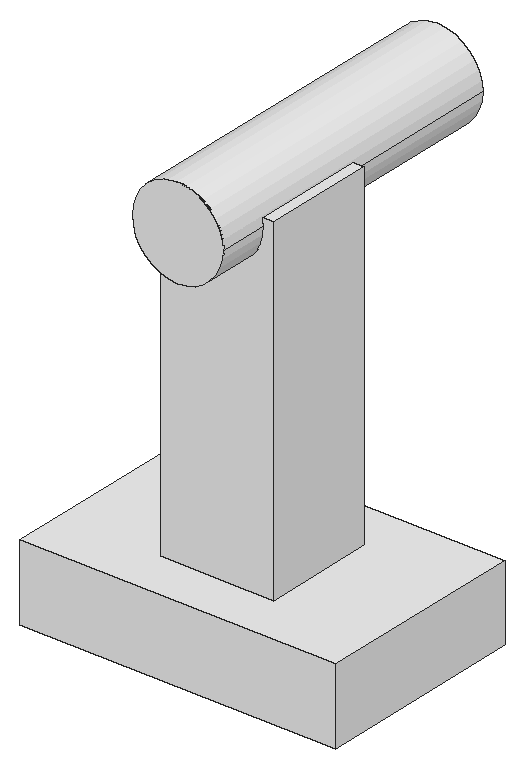
Revit family "Robe_Hook-Grohe-40511001", category Specialty Equipment, host Face, Revit 2018
Family settings
  Host = Face
  Round Connector Dimension = Use Diameter
  Part Type = Normal
  OmniClass Number = 23.40.20.21.31
  OmniClass Title = Robe Hooks
  Cut with Voids When Loaded = No
  Shared = Yes
  Room Calculation Point = No
Parameters (values of type "40511001")
  Width = 1.65354"
  Warranty Information = "Limited Lifetime Warranty"  # constant formula
  URL = "https://www.grohe.us/"
  Type Comments = ""
  Region = "North America"  # constant formula
  Product Page URL = "https://www.grohe.us/Robe-Hooks/Robe-Hook/GROHE-CHROME-40511001"
  Product Documentation Link = "https://americanstandard.box.com/shared/static/esxjeh7i5djuerbjo1etkfosuittiy3m.pdf"
  Price = "Prices may vary. Please consult Manufacturer Representative for most up-to-date price list."  # constant formula
  Model = "40511001"
  Material = "Metal-Grohe-001-Starlight Chrome"
  Manufacturer = "Grohe"  # constant formula
  Length = 2.3622"
  Installation Type = "Wall Mounted"  # constant formula
  Height = 1.69291"
  Description = "ESSENTIALS CUBE Robe Hook"  # constant formula
  Default Elevation = 0"
  Creation Date = "06/04/2021"  # constant formula
  Body Material = Metal-Grohe-001-Starlight Chrome
  Assembly Code = "C1030220"
Reference planes (in)
  plane 1 "Center (Front/Back)": y = 0
  plane 2: z = 0
  plane 3 "Center (Left/Right)": x = 0
  plane 4: y = 0.55118
  plane 5: y = -0.55118
  plane 6: x = 0.82677
  plane 7: x = -0.82677
  plane 8: z = 2.3622
  plane 9: z = 0.3937
  plane 10: y = 1.14173
Forms (in)
  Extrusion 1, solid, material "Metal-Grohe-001-Starlight Chrome" <- "Body Material"
    sketch origin (0, 0, 0) x (1, 0, 0) y (0, 1, 0)
      loop
        line (-0.82677, 0.55118) -> (-0.82677, -0.55118) -> (0.82677, -0.55118) -> (0.82677, 0.55118) -> (-0.82677, 0.55118)
    from 0 to 0.3937
  Extrusion 2, solid, material "Metal-Grohe-001-Starlight Chrome" <- "Body Material"
    sketch origin (-0.02726, 53.45114, 0) x (1, 0, 0) y (0, 1, 0)
      loop
        line (-0.26804, -53.15586) -> (-0.26804, -53.74641) -> (0.32251, -53.74641) -> (0.32251, -53.15586) -> (-0.26804, -53.15586)
    from 0.3937 to 2.16535
  Extrusion 3, solid, material "Metal-Grohe-001-Starlight Chrome" <- "Body Material"
    sketch origin (0, 0, 0) x (1, 0, 0) y (0, 0, 1)
      loop
        circle (-0.00002, 2.1243) r 0.2379
    from -1.14173 to 0.55118
Lines and regions (in)
  Masking region 1
    outline origin (0, 0, 0) x (1, 0, 0) y (0, 0, 1)
      loop
        arc (0.23431, 2.16535) -> (-0.00002, 2.3622) -> (-0.23435, 2.16535) r 0.2379
        line (-0.23435, 2.16535) -> (-0.29529, 2.16535) -> (-0.29529, 0.3937) -> (-0.82677, 0.3937) -> (-0.82677, 0) -> (0.82677, 0) -> (0.82677, 0.3937) -> (0.29526, 0.3937) -> (0.29526, 2.16535) -> (0.23431, 2.16535)
  symbolic lines, detail levels fine
    curve 1: arc (-0.23435, 0, 2.16535) -> (-0.00002, 0, 1.8864) -> (0.23431, 0, 2.16535) r 0.2379
    curve 2: line (0.29526, 0, 0.3937) -> (-0.29529, 0, 0.3937)
Dimensions and locks (in)
  plane 5 to plane 4 = 1.10236"
  "Width": plane 7 to plane 6
  "Height": plane 5 to plane 10
  "Length": plane 8 to host face
  aligned and locked: plane 2 to host face
  aligned and locked: level to host face
  aligned and locked: Extrusion 2 to Extrusion 1
  aligned and locked: Extrusion 1 to Extrusion 3
  aligned and locked: Extrusion 3 to plane 10
  aligned and locked: plane 5 to Extrusion 3
  aligned and locked: host face to Masking region 1 sketch curve
  aligned and locked: plane 7 to Masking region 1 sketch curve
  aligned and locked: Masking region 1 sketch curve to plane 6
  aligned and locked: curve 1 to Extrusion 3
Automatic sketch dimensions
  curve 2 to plane 9 = 0"
  plane 8 to curve 1 = 0.19685"  (x2)
  curve 2 to plane 3 "Center (Left/Right)" = 0.29529"
  plane 3 "Center (Left/Right)" to curve 2 = 0.29526"
  host sketch curve to host sketch curve = 96"  (x2)
  plane 5 to Extrusion 1 sketch curve = 0"
  Extrusion 1 sketch curve to plane 7 = 0"
  Extrusion 1 sketch curve to plane 6 = 0"
  plane 4 to Extrusion 1 sketch curve = 0"
  Extrusion 2 sketch curve to plane 3 "Center (Left/Right)" = 0.29529"
  plane 3 "Center (Left/Right)" to Extrusion 2 sketch curve = 0.29526"
  Extrusion 2 sketch curve to plane 5 = 0.25591"
  plane 4 to Extrusion 2 sketch curve = 0.25591"
  Extrusion 3 sketch curve to plane 3 "Center (Left/Right)" = 0"
  plane 8 to Extrusion 3 sketch curve = 0.2379"
  Masking region 1 sketch curve to plane 9 = 0"  (x2)
  Masking region 1 sketch curve to plane 3 "Center (Left/Right)" = 0.29529"
  Masking region 1 sketch curve to Masking region 1 sketch curve = 0.06094"  (x2)
  Masking region 1 sketch curve to plane 3 "Center (Left/Right)" = 0"
  plane 8 to Masking region 1 sketch curve = 0.19685"
  plane 3 "Center (Left/Right)" to Masking region 1 sketch curve = 0.23431"
  Masking region 1 sketch curve to Masking region 1 sketch curve = 0.04105"
  radius of Extrusion 3 sketch curve = 0.2379"
